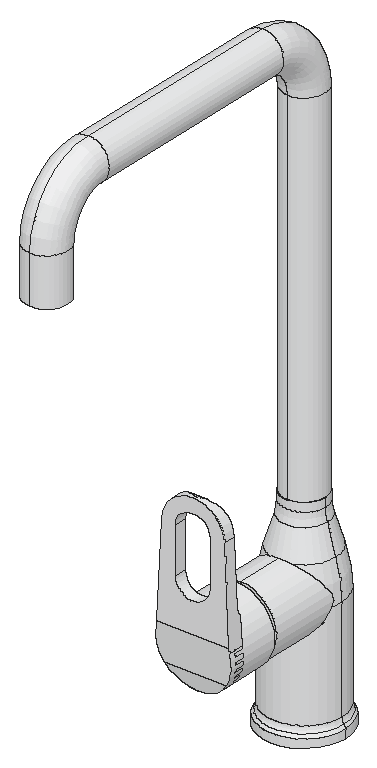
Revit family "KR5010001_Grifería para Lavaplatos Monocontrol Koral", category Plumbing Fixtures, host Face, Revit 2019
Family settings
  Host = Face
  Round Connector Dimension = Use Diameter
  Part Type = Normal
  Cut with Voids When Loaded = No
  Shared = No
  Room Calculation Point = No
Parameters
  URL = "https://corona.co/productos/griferias/griferia-para-lavaplatos-monocontrol-koral/p/KR5010001"
  Temperatura de uso = "4ºC a 60ºC"  # constant formula
  Profundidad = 221 mm
  Presion minima = "20 psi (138 Kpa)"  # constant formula
  Presion maxima = "125 psi (862 Kpa)"  # constant formula
  Peso Neto aprox = "988 gr. - 2,17 lb"  # constant formula
  Material = Corona_Acero
  Garantía = "30 años"  # constant formula
  Fecha de creación = "05/08/2020"  # constant formula
  Fabricante = "Corona"  # constant formula
  Dimensiones generales producto (H * W * D) = "988 gr. - 2,17 lb"  # constant formula
  Default Elevation = 1219.2 mm
  Creado por = "IDD"  # constant formula
  Capacidad de flujo = "60 psi: 7,28 L/min"  # constant formula
  Ancho = 48 mm
  Alto = 370 mm
Reference planes
  plane 1 "Center (Front/Back)": y = 0
  plane 2: z = 0
  plane 3 "Center (Left/Right)": x = 0
  plane 4: z = 370
  plane 5: x = -569.784
  plane 6: x = 185
  plane 7: z = 358
  plane 8: y = -185
  plane 9: x = 21.833
  plane 10: x = -21.833
  plane 11: y = 24
  plane 12: y = -197
Forms (mm)
  Revolve 1, solid, material "Corona_Acero", detail levels medium+fine
    sketch origin (0, 0, 0) x (1, 0, 0) y (0, 0, 1)
      loop
        line (0, 120) -> (-12.301, 120) -> (-12.301, 115.083)
        arc (-12.301, 115.083) -> (-12.575, 111.388) -> (-13.393, 107.774) r 25
        line (-13.393, 107.774) -> (-18.413, 91.354)
        arc (-18.413, 91.354) -> (-20.866, 80.512) -> (-21.69, 69.426) r 75
        line (-21.69, 69.426) -> (-21.69, 10.5)
        arc (-21.69, 10.5) -> (-21.962, 8.628) -> (-22.755, 6.911) r 6.576
        line (-22.755, 6.911) -> (-24, 5) -> (-24, 0) -> (0, 0) -> (0, 120)
      axis (0, 0) -> (0, 120)
    angle from 0 to 360
  Sweep 2, solid, material "Corona_Acero", detail levels medium+fine
    path origin (0, 0, 0) x (0, -1, 0) y (0, 0, 1)
      loop
        line (0, 120) -> (0, 328)
        arc (0, 328) -> (8.787, 349.213) -> (30, 358) r 30
        line (30, 358) -> (155, 358)
        arc (155, 358) -> (176.213, 349.213) -> (185, 328) r 30
        line (185, 328) -> (185, 300.67)
    profile origin (0, 0, 224) x (0, 1, 0) y (-1, 0, 0)
      loop
        circle (0, 0) r 12
  Revolve 3, solid, material "Corona_Acero", detail levels medium+fine
    sketch origin (0, 0, 0) x (0, 1, 0) y (0, 0, 1)
      loop
        line (-76.437, 71.689) -> (-76.437, 49.857) -> (-48.931, 49.857) -> (-48.931, 54.677) -> (-45.876, 54.677) -> (-45.876, 50.926) -> (0, 50.926) -> (0, 71.689) -> (-76.437, 71.689)
      axis (0, 71.689) -> (-76.437, 71.689)
    angle from 0 to 360
  Extrusion 4, solid, material "Corona_Acero", detail levels medium+fine
    sketch origin (0, 0, 0) x (0, 1, 0) y (0, 0, 1)
      loop
        line (-76.437, 49.857) -> (-71.218, 50.778) -> (-71.218, 93.509) -> (-71.844, 94.053)
        arc (-71.844, 94.053) -> (-72.776, 95.3) -> (-73.106, 96.822) r 3.669
        line (-73.106, 96.822) -> (-73.106, 143.988)
        arc (-73.106, 143.988) -> (-74.265, 146.984) -> (-76.038, 149.663) r 14.936
        arc (-76.038, 149.663) -> (-77.022, 150.425) -> (-78.237, 150.697) r 2.857
        line (-78.237, 150.697) -> (-79.91, 150.697) -> (-79.91, 80.183)
        arc (-79.91, 80.183) -> (-79.448, 69.594) -> (-78.064, 59.086) r 121.495
        line (-78.064, 59.086) -> (-76.437, 49.857)
    from -21.833 to 21.833
  Extrusion 5, void, detail levels medium+fine
    sketch origin (0, 0, 0) x (1, 0, 0) y (0, 0, 1)
      loop
        arc (-20.984, 77.713) -> (-17.437, 58.553) -> (0, 49.857) r 21.831
        arc (0, 49.857) -> (17.437, 58.553) -> (20.984, 77.713) r 21.831
        line (20.984, 77.713) -> (18.047, 133.57)
        arc (18.047, 133.57) -> (0, 150.697) -> (-18.056, 133.571) r 18.072
        line (-18.056, 133.571) -> (-20.984, 77.713)
      loop
        line (-25.931, 136.17) -> (-29.362, 70.711)
        arc (-29.362, 70.711) -> (-22.882, 46.3) -> (0, 35.607) r 29.831
        arc (0, 35.607) -> (22.882, 46.3) -> (29.362, 70.711) r 29.831
        line (29.362, 70.711) -> (25.931, 136.17)
        arc (25.931, 136.17) -> (0, 164.947) -> (-25.931, 136.17) r 26.072
    from 48.931 to 98.911
  Extrusion 6, void, detail levels medium+fine
    sketch origin (0, 0, 0) x (1, 0, 0) y (0, 0, 1)
      loop
        line (-10.058, 133.152) -> (-10.058, 106.848)
        arc (-10.058, 106.848) -> (0, 97.303) -> (10.058, 106.848) r 10.072
        line (10.058, 106.848) -> (10.058, 133.152)
        arc (10.058, 133.152) -> (0, 142.697) -> (-10.058, 133.152) r 10.072
    from 45.876 to 118.106
  Extrusion 7, solid, material "Cubo", detail levels coarse
    sketch origin (0, 0, 0) x (1, 0, 0) y (0, 1, 0)
      loop
        line (-24, 23.983) -> (-24, -197) -> (24, -197) -> (24, 23.983) -> (-24, 23.983)
    from 0 to 370
Cuts and joins
  Extrusion 5, Extrusion 6 cuts Sweep 2
  Extrusion 5 cuts Revolve 3
  Extrusion 5, Extrusion 6 cuts Extrusion 4
  Extrusion 6 cuts Revolve 1
Lines and regions (mm)
  model lines
    curve 1: line (-24, 0, 5) -> (24, 0, 5)
    curve 2: line (24, 0, 0) -> (-24, 0, 0)
Dimensions and locks
  plane 4 to host face = 370 mm
  plane 6 to plane 3 "Center (Left/Right)" = 185 mm
  "Alto": plane 4 to host face
  "Ancho": Extrusion 7 to Extrusion 7
  "Profundidad": plane 12 to plane 11
  aligned and locked: plane 2 to host face
  aligned and locked: level to host face
Automatic sketch dimensions
  curve 2 to level = 0 mm
  curve 2 to plane 10 = 2.167 mm
  curve 1 to plane 10 = 2.167 mm
  curve 2 to plane 9 = 2.167 mm
  curve 1 to plane 9 = 2.167 mm
  curve 2 to curve 1 = 5 mm
  host sketch curve to host sketch curve = 2438.4 mm  (x2)
  Revolve 1 sketch curve to level = 0 mm
  Revolve 1 sketch curve to plane 3 "Center (Left/Right)" = 0 mm  (x2)
  plane 10 to Revolve 1 sketch curve = 9.532 mm
  Revolve 1 sketch curve to Revolve 1 sketch curve = 1.092 mm
  plane 10 to Revolve 1 sketch curve = 3.42 mm
  plane 10 to Revolve 1 sketch curve = 0.143 mm
  Revolve 1 sketch curve to plane 10 = 0.923 mm
  Revolve 1 sketch curve to plane 10 = 2.167 mm
  Revolve 1 sketch curve to plane 10 = 6.433 mm
  Revolve 1 sketch curve to plane 10 = 15.468 mm
  Revolve 1 sketch curve to plane 9 = 31.477 mm
  Revolve 1 sketch curve to Revolve 1 sketch curve = 5 mm  (x2)
  Revolve 1 sketch curve to Revolve 1 sketch curve = 1.911 mm
  Revolve 1 sketch curve to Revolve 1 sketch curve = 58.926 mm
  Revolve 1 sketch curve to Revolve 1 sketch curve = 16.42 mm
  Revolve 1 sketch curve to Revolve 1 sketch curve = 4.917 mm
  Revolve 1 sketch curve to Revolve 1 sketch curve = 0 mm
  Sweep 2 sketch curve to plane 1 "Center (Front/Back)" = 0 mm
  Sweep 2 sketch curve to plane 7 = 0 mm
  Sweep 2 sketch curve to plane 8 = 0 mm
  plane 1 "Center (Front/Back)" to Sweep 2 sketch curve = 30 mm
  Sweep 2 sketch curve to plane 7 = 30 mm
  Sweep 2 sketch curve to Sweep 2 sketch curve = 27.33 mm
  level to Sweep 2 sketch curve = 120 mm
  profile plane to Sweep 2 sketch curve = 0 mm
  Sweep 2 sketch curve to profile plane = 0 mm
  Revolve 3 sketch curve to plane 1 "Center (Front/Back)" = 0 mm
  plane 1 "Center (Front/Back)" to Revolve 3 sketch curve = 45.876 mm
  Revolve 3 sketch curve to Revolve 3 sketch curve = 3.055 mm
  Revolve 3 sketch curve to Revolve 3 sketch curve = 27.506 mm
  level to Revolve 3 sketch curve = 49.857 mm
  Revolve 3 sketch curve to Revolve 3 sketch curve = 1.069 mm
  Revolve 3 sketch curve to Revolve 3 sketch curve = 3.751 mm
  Revolve 3 sketch curve to Revolve 3 sketch curve = 21.831 mm
  Revolve 3 sketch curve to Revolve 3 sketch curve = 6.926 mm
  Revolve 3 sketch curve to Revolve 3 sketch curve = 11.637 mm
  Revolve 3 sketch curve to Revolve 3 sketch curve = 0 mm
  plane 1 "Center (Front/Back)" to Extrusion 4 sketch curve = 87.535 mm
  Extrusion 4 sketch curve to Extrusion 4 sketch curve = 7.625 mm
  Extrusion 4 sketch curve to Extrusion 4 sketch curve = 1.673 mm
  level to Extrusion 4 sketch curve = 59.086 mm
  Extrusion 4 sketch curve to Extrusion 4 sketch curve = 1.846 mm
  Extrusion 4 sketch curve to Extrusion 4 sketch curve = 1.627 mm
  Extrusion 4 sketch curve to Extrusion 4 sketch curve = 5.131 mm
  Extrusion 4 sketch curve to Extrusion 4 sketch curve = 1.262 mm
  Extrusion 4 sketch curve to Extrusion 4 sketch curve = 0.626 mm
  Extrusion 4 sketch curve to Extrusion 4 sketch curve = 3.669 mm
  Extrusion 4 sketch curve to plane 11 = 17.585 mm
  Extrusion 4 sketch curve to Extrusion 4 sketch curve = 8.308 mm
  Extrusion 4 sketch curve to Extrusion 4 sketch curve = 13.326 mm
  Extrusion 4 sketch curve to Extrusion 4 sketch curve = 0.544 mm
  Extrusion 4 sketch curve to Extrusion 4 sketch curve = 43.308 mm
  Extrusion 4 sketch curve to Extrusion 4 sketch curve = 3.858 mm
  Extrusion 4 sketch curve to Extrusion 4 sketch curve = 3.852 mm
  Extrusion 4 sketch curve to Extrusion 4 sketch curve = 2.857 mm
  Extrusion 5 sketch curve to Extrusion 5 sketch curve = 0 mm  (x6)
  Extrusion 5 sketch curve to plane 3 "Center (Left/Right)" = 0 mm  (x4)
  plane 10 to Extrusion 5 sketch curve = 0.849 mm
  Extrusion 5 sketch curve to plane 10 = 4.098 mm
  Extrusion 5 sketch curve to plane 10 = 7.529 mm
  plane 9 to Extrusion 5 sketch curve = 0.849 mm
  Extrusion 5 sketch curve to plane 9 = 4.098 mm
  Extrusion 5 sketch curve to plane 9 = 7.529 mm
  level to Extrusion 5 sketch curve = 65.439 mm
  Extrusion 5 sketch curve to Extrusion 5 sketch curve = 5.273 mm
  Extrusion 5 sketch curve to Extrusion 5 sketch curve = 6.25 mm  (x2)
  Extrusion 5 sketch curve to Extrusion 5 sketch curve = 7.001 mm
  Extrusion 5 sketch curve to Extrusion 5 sketch curve = 54.912 mm
  Extrusion 5 sketch curve to Extrusion 5 sketch curve = 3.545 mm
  plane 10 to Extrusion 5 sketch curve = 3.786 mm
  Extrusion 5 sketch curve to Extrusion 5 sketch curve = 0.009 mm  (x2)
  plane 9 to Extrusion 5 sketch curve = 3.786 mm
  Extrusion 5 sketch curve to Extrusion 5 sketch curve = 2.599 mm
  Extrusion 6 sketch curve to plane 3 "Center (Left/Right)" = 0 mm  (x2)
  Extrusion 6 sketch curve to plane 3 "Center (Left/Right)" = 10.058 mm
  plane 3 "Center (Left/Right)" to Extrusion 6 sketch curve = 10.058 mm
  level to Extrusion 6 sketch curve = 106.848 mm
  Extrusion 6 sketch curve to Extrusion 6 sketch curve = 0.527 mm  (x2)
  Extrusion 6 sketch curve to Extrusion 6 sketch curve = 25.249 mm
  plane 12 to Extrusion 7 sketch curve = 0 mm
  Extrusion 7 sketch curve to plane 10 = 2.167 mm
  Extrusion 7 sketch curve to plane 9 = 2.167 mm
  plane 11 to Extrusion 7 sketch curve = 0.017 mm
  radius of Sweep 2 sketch curve = 12 mm
Nested families
  nested 1: "Family2" at (0, 0, 0) x (0, -1, 0) z (1, 0, 0), type "Family2", detail levels coarse
Connectors
  piping at (0, 0, 0), diameter 15
    settings: on cut or joined group of Revolve 1, Extrusion 6, index 1, connector inside diameter 609.6 mm, connector length 0 mm, flow factor 0, pipe flow 0.0 L/s, pressure drop 0.0 Pa, fitting loss kfactor 0, connector angle 0.00°, fixture units 0, engagement length 0 mm, angle of deflection 0.00°, flow configuration 0, flow direction 0, fitting loss method 0, system type 20, joint type 0, gender type 0, connector reference index -1, connector utility 0, adjustable connector no, is connector primary yes, connector description ""
Definition of nested family "Family2"
  Reference planes
    plane 1 "Center (Front/Back)": y = 0
    plane 2: z = 0
    plane 3 "Center (Left/Right)": x = 0
    plane 4: y = 370
    plane 5: x = 185
    plane 6: y = 346
  Lines and regions (mm)
    detail lines, in view "Ref. Level"
      curve 1: line (0, 0, 0) -> (25, 0, 0)
      curve 2: line (25, 0, 0) -> (25, 6.127, 0)
      curve 3: line (0, 0, 0) -> (-25, 0, 0)
      curve 4: line (-25, 0, 0) -> (-25, 6.127, 0)
      curve 5: line (-25, 6.127, 0) -> (25, 6.127, 0)
      curve 6: line (25, 6.127, 0) -> (21.503, 9.061, 0)
      curve 7: line (21.503, 9.061, 0) -> (21.503, 41.667, 0)
      curve 8: line (31.503, 51.667, 0) -> (45.546, 51.667, 0)
      curve 9: line (45.546, 53.93, 0) -> (54.9, 57.334, 0)
      curve 10: line (54.9, 57.334, 0) -> (58.433, 50.091, 0)
      curve 11: line (58.433, 50.091, 0) -> (76.553, 50.091, 0)
      curve 12: line (76.553, 50.091, 0) -> (79.54, 68.95, 0)
      curve 13: line (79.54, 68.95, 0) -> (79.54, 150.499, 0)
      curve 14: line (79.54, 150.499, 0) -> (78.402, 150.499, 0)
      curve 15: line (76.126, 148.992, 0) -> (75.568, 147.678, 0)
      curve 16: line (73.648, 138.24, 0) -> (73.648, 94.62, 0)
      curve 17: line (73.648, 94.62, 0) -> (48.648, 94.62, 0)
      curve 18: line (48.648, 94.62, 0) -> (48.648, 89.62, 0)
      curve 19: line (48.648, 89.62, 0) -> (45.546, 89.62, 0)
      curve 20: line (45.546, 89.62, 0) -> (45.546, 94.62, 0)
      curve 21: line (45.546, 94.62, 0) -> (32, 94.62, 0)
      curve 22: line (12, 114.62, 0) -> (12, 321, 0)
      curve 23: line (-12, 121.515, 0) -> (-12, 320, 0)
      curve 24: line (37, 346, 0) -> (148, 346, 0)
      curve 25: line (173, 321, 0) -> (173, 301, 0)
      curve 26: line (197, 320, 0) -> (197, 301, 0)
      curve 27: line (173, 301, 0) -> (197, 301, 0)
      curve 28: line (38, 370, 0) -> (147, 370, 0)
      curve 29: line (45.546, 89.62, 0) -> (45.546, 51.667, 0)
      curve 30: line (54.9, 57.334, 0) -> (48.648, 70.153, 0)
      curve 31: line (48.648, 70.153, 0) -> (48.648, 89.62, 0)
      curve 32: line (-25, 6.127, 0) -> (-21.503, 9.061, 0)
      curve 33: line (-21.503, 9.061, 0) -> (-21.503, 74.304, 0)
      curve 34: line (-18.638, 93.389, 0) -> (-13.913, 108.772, 0)
      curve 35: arc (12, 114.62, 0) -> (17.858, 100.478, 0) -> (32, 94.62, 0) r 20
      curve 36: arc (-18.638, 93.389, 0) -> (-20.783, 83.953, 0) -> (-21.503, 74.304, 0) r 65
      curve 37: arc (-13.913, 108.772, 0) -> (-12.481, 115.072, 0) -> (-12, 121.515, 0) r 43.4
      curve 38: arc (21.503, 41.667, 0) -> (24.432, 48.738, 0) -> (31.503, 51.667, 0) r 10
      curve 39: arc (75.568, 147.678, 0) -> (74.133, 143.056, 0) -> (73.648, 138.24, 0) r 24.155
      curve 40: arc (78.402, 150.499, 0) -> (77.037, 150.088, 0) -> (76.126, 148.992, 0) r 2.472
      curve 41: arc (12, 321, 0) -> (19.322, 338.678, 0) -> (37, 346, 0) r 25
      curve 42: arc (-12, 320, 0) -> (2.645, 355.355, 0) -> (38, 370, 0) r 50
      curve 43: arc (148, 346, 0) -> (165.678, 338.678, 0) -> (173, 321, 0) r 25
      curve 44: arc (147, 370, 0) -> (182.355, 355.355, 0) -> (197, 320, 0) r 50
